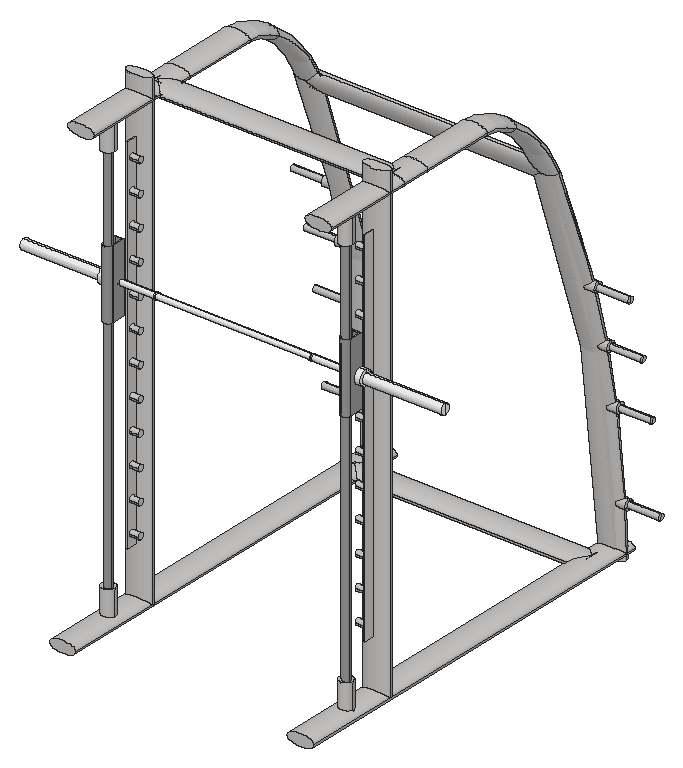
Revit family "Тренажер Машина Смита", category Оборудование, Revit 2017
Family settings
  Размер круглого соединителя = Использовать диаметр
  Тип детали = Нормальный
  На основе рабочей плоскости = Нет
  Всегда вертикально = Да
  При загрузке вырезать с полостями = Нет
  Общий = Нет
  Точка расчета площади = Нет
Parameters (values of type "1381х2094х2498")
  Ширина = 1381.0 mm
  Примечание = ""
  Позиция = ""
  Обозначение = "M953"
  Наименование = "Тренажер Машина Смита"
  Масса = "240"
  Код оборудования = ""
  Keynote = ""
  Изготовитель = "Severin"
  Завод = "Technogym"
  Единицы = "шт."
  Группа модели = "ТХ"
  Глубина = 2098.0 mm
  Высота = 2498.0 mm
Reference planes
  plane 1 "По центру (Вперед/Назад)": y = 0
  plane 2: z = 0
  plane 3 "По центру (Влево/Вправо)": x = 0
  plane 4: x = -690.5
  plane 5: x = 690.5
  plane 6: y = 1049
  plane 7: y = -1049
  plane 8: z = 2498
  plane 9: z = 1249
Forms (mm)
  Extrusion 1, solid, material "GKS_чернмет"
    sketch origin (0, 0, 0) x (1, 0, 0) y (0, 0, 1)
      loop
        spline (-690.5, 30) -> (-688.115, 22.235) -> (-681.122, 15) -> (-669.997, 8.787) -> (-655.5, 4.019) -> (-638.617, 1.022) -> (-620.5, 0) -> (-602.383, 1.022) -> (-585.5, 4.019) -> (-571.003, 8.787) -> (-559.878, 15) -> (-552.885, 22.235) -> (-550.5, 30)
        spline (-550.5, 30) -> (-552.885, 37.765) -> (-559.878, 45) -> (-571.003, 51.213) -> (-585.5, 55.981) -> (-602.383, 58.978) -> (-620.5, 60) -> (-638.617, 58.978) -> (-655.5, 55.981) -> (-669.997, 51.213) -> (-681.122, 45) -> (-688.115, 37.765) -> (-690.5, 30)
      loop
        spline (690.5, 30) -> (688.115, 37.765) -> (681.122, 45) -> (669.997, 51.213) -> (655.5, 55.981) -> (638.617, 58.978) -> (620.5, 60) -> (602.383, 58.978) -> (585.5, 55.981) -> (571.003, 51.213) -> (559.878, 45) -> (552.885, 37.765) -> (550.5, 30)
        spline (550.5, 30) -> (552.885, 22.235) -> (559.878, 15) -> (571.003, 8.787) -> (585.5, 4.019) -> (602.383, 1.022) -> (620.5, 0) -> (638.617, 1.022) -> (655.5, 4.019) -> (669.997, 8.787) -> (681.122, 15) -> (688.115, 22.235) -> (690.5, 30)
    from -1044.106 to 1049
  Extrusion 2, solid, material "GKS_чернмет", detail levels medium+fine
    sketch origin (0, 210, 0) x (1, 0, 0) y (0, 1, 0)
      loop
        spline (-690.5, -758.288) -> (-688.115, -766.052) -> (-681.122, -773.288) -> (-669.997, -779.501) -> (-655.5, -784.268) -> (-638.617, -787.265) -> (-620.5, -788.288) -> (-602.383, -787.265) -> (-585.5, -784.268) -> (-571.003, -779.501) -> (-559.878, -773.288) -> (-552.885, -766.052) -> (-550.5, -758.288)
        spline (-550.5, -758.288) -> (-552.885, -750.523) -> (-559.878, -743.288) -> (-571.003, -737.074) -> (-585.5, -732.307) -> (-602.383, -729.31) -> (-620.5, -728.288) -> (-638.617, -729.31) -> (-655.5, -732.307) -> (-669.997, -737.074) -> (-681.122, -743.288) -> (-688.115, -750.523) -> (-690.5, -758.288)
      loop
        spline (690.5, -758.288) -> (688.115, -750.523) -> (681.122, -743.288) -> (669.997, -737.074) -> (655.5, -732.307) -> (638.617, -729.31) -> (620.5, -728.288) -> (602.383, -729.31) -> (585.5, -732.307) -> (571.003, -737.074) -> (559.878, -743.288) -> (552.885, -750.523) -> (550.5, -758.288)
        spline (550.5, -758.288) -> (552.885, -766.052) -> (559.878, -773.288) -> (571.003, -779.501) -> (585.5, -784.268) -> (602.383, -787.265) -> (620.5, -788.288) -> (638.617, -787.265) -> (655.5, -784.268) -> (669.997, -779.501) -> (681.122, -773.288) -> (688.115, -766.052) -> (690.5, -758.288)
    from 30 to 2498
  Extrusion 3, solid, material "GKS_чернмет"
    sketch origin (0, 0, 2420) x (1, 0, 0) y (0, 0, 1)
      loop
        spline (689.5, -27) -> (687.115, -19.235) -> (680.122, -12) -> (668.997, -5.787) -> (654.5, -1.019) -> (637.617, 1.978) -> (619.5, 3) -> (601.383, 1.978) -> (584.5, -1.019) -> (570.003, -5.787) -> (558.878, -12) -> (551.885, -19.235) -> (549.5, -27)
        spline (549.5, -27) -> (551.885, -34.765) -> (558.878, -42) -> (570.003, -48.213) -> (584.5, -52.981) -> (601.383, -55.978) -> (619.5, -57) -> (637.617, -55.978) -> (654.5, -52.981) -> (668.997, -48.213) -> (680.122, -42) -> (687.115, -34.765) -> (689.5, -27)
      loop
        spline (-549.5, -27) -> (-551.885, -19.235) -> (-558.878, -12) -> (-570.003, -5.787) -> (-584.5, -1.019) -> (-601.383, 1.978) -> (-619.5, 3) -> (-637.617, 1.978) -> (-654.5, -1.019) -> (-668.997, -5.787) -> (-680.122, -12) -> (-687.115, -19.235) -> (-689.5, -27)
        spline (-689.5, -27) -> (-687.115, -34.765) -> (-680.122, -42) -> (-668.997, -48.213) -> (-654.5, -52.981) -> (-637.617, -55.978) -> (-619.5, -57) -> (-601.383, -55.978) -> (-584.5, -52.981) -> (-570.003, -48.213) -> (-558.878, -42) -> (-551.885, -34.765) -> (-549.5, -27)
    from 456.992 to 930.732
  Extrusion 4, solid, material "GKS_чернмет"
    sketch origin (0, 210, 0) x (0, 1, 0) y (0, 0, 1)
      loop
        spline (-576.992, 2393) -> (-579.377, 2400.765) -> (-586.37, 2408) -> (-597.495, 2414.213) -> (-611.992, 2418.981) -> (-628.875, 2421.978) -> (-646.992, 2423) -> (-665.109, 2421.978) -> (-681.992, 2418.981) -> (-696.489, 2414.213) -> (-707.614, 2408) -> (-714.607, 2400.765) -> (-716.992, 2393)
        spline (-716.992, 2393) -> (-714.607, 2385.235) -> (-707.614, 2378) -> (-696.489, 2371.787) -> (-681.992, 2367.019) -> (-665.109, 2364.022) -> (-646.992, 2363) -> (-628.875, 2364.022) -> (-611.992, 2367.019) -> (-597.495, 2371.787) -> (-586.37, 2378) -> (-579.377, 2385.235) -> (-576.992, 2393)
    from -620.5 to 620
  Sweep 5, solid, material "GKS_чернмет"
    path origin (0, 0, 0) x (0, 1, 0) y (0, 0, 1)
      loop
        line (-456.992, 2435) -> (-306.992, 2435) -> (82.561, 2435)
        arc (82.561, 2435) -> (192.502, 2416.871) -> (293.217, 2369.204) r 401.202
        arc (293.217, 2369.204) -> (465.495, 2215.816) -> (587.79, 2020.235) r 813.434
        arc (587.79, 2020.235) -> (911.817, 1032.408) -> (1034, 0) r 5228.593
    profile origin (0, -381.992, 2435) x (0, 0, 1) y (1, 0, 0)
      loop
        spline (-42, -689.5) -> (-34.235, -687.115) -> (-27, -680.122) -> (-20.787, -668.997) -> (-16.019, -654.5) -> (-13.022, -637.617) -> (-12, -619.5) -> (-13.022, -601.383) -> (-16.019, -584.5) -> (-20.787, -570.003) -> (-27, -558.878) -> (-34.235, -551.885) -> (-42, -549.5)
        spline (-42, -549.5) -> (-49.765, -551.885) -> (-57, -558.878) -> (-63.213, -570.003) -> (-67.981, -584.5) -> (-70.978, -601.383) -> (-72, -619.5) -> (-70.978, -637.617) -> (-67.981, -654.5) -> (-63.213, -668.997) -> (-57, -680.122) -> (-49.765, -687.115) -> (-42, -689.5)
      loop
        spline (-42, 689.5) -> (-49.765, 687.115) -> (-57, 680.122) -> (-63.213, 668.997) -> (-67.981, 654.5) -> (-70.978, 637.617) -> (-72, 619.5) -> (-70.978, 601.383) -> (-67.981, 584.5) -> (-63.213, 570.003) -> (-57, 558.878) -> (-49.765, 551.885) -> (-42, 549.5)
        spline (-42, 549.5) -> (-34.235, 551.885) -> (-27, 558.878) -> (-20.787, 570.003) -> (-16.019, 584.5) -> (-13.022, 601.383) -> (-12, 619.5) -> (-13.022, 637.617) -> (-16.019, 654.5) -> (-20.787, 668.997) -> (-27, 680.122) -> (-34.235, 687.115) -> (-42, 689.5)
  Extrusion 6, solid, material "GKS_чернмет"
    sketch origin (0, 0, 0) x (0, 1, 0) y (0, 0, 1)
      loop
        spline (589.494, 1932.399) -> (595.026, 1938.346) -> (597.795, 1948.02) -> (597.614, 1960.761) -> (594.494, 1975.7) -> (588.648, 1991.819) -> (580.475, 2008.02) -> (570.531, 2023.199) -> (559.494, 2036.322) -> (548.116, 2046.493) -> (537.173, 2053.02) -> (527.411, 2055.459) -> (519.494, 2053.642)
        spline (519.494, 2053.642) -> (513.962, 2047.694) -> (511.193, 2038.02) -> (511.374, 2025.28) -> (514.494, 2010.341) -> (520.34, 1994.222) -> (528.513, 1978.02) -> (538.457, 1962.841) -> (549.494, 1949.719) -> (560.871, 1939.548) -> (571.814, 1933.02) -> (581.577, 1930.582) -> (589.494, 1932.399)
    from -620 to 620
  Extrusion 7, solid, material "GKS_чернмет"
    sketch origin (0, 0, 0) x (0, 1, 0) y (0, 0, 1)
      loop
        spline (919.427, 30) -> (917.042, 37.765) -> (910.049, 45) -> (898.925, 51.213) -> (884.427, 55.981) -> (867.545, 58.978) -> (849.427, 60) -> (831.31, 58.978) -> (814.427, 55.981) -> (799.93, 51.213) -> (788.806, 45) -> (781.813, 37.765) -> (779.427, 30)
        spline (779.427, 30) -> (781.813, 22.235) -> (788.806, 15) -> (799.93, 8.787) -> (814.427, 4.019) -> (831.31, 1.022) -> (849.427, 0) -> (867.545, 1.022) -> (884.427, 4.019) -> (898.925, 8.787) -> (910.049, 15) -> (917.042, 22.235) -> (919.427, 30)
    from -620 to 620
  Extrusion 8, solid, material "Сталь, хромированная", detail levels medium+fine
    sketch origin (0, -35, 0) x (1, 0, 0) y (0, 1, 0)
      loop
        circle (-620.5, -716.992) r 20
      loop
        circle (620.5, -716.992) r 20
    from 30 to 2393
  Extrusion 9, solid, material "GKS_чернмет", detail levels medium+fine
    sketch origin (0, 110, 0) x (1, 0, 0) y (0, 1, 0)
      loop
        circle (-620.5, -861.992) r 35
      loop
        circle (620.5, -861.992) r 35
    from 30 to 184.487
  Extrusion 10, solid, material "GKS_чернмет", detail levels medium+fine
    sketch origin (0, 110, 2200) x (1, 0, 0) y (0, 1, 0)
      loop
        circle (-620.5, -861.992) r 35
      loop
        circle (620.5, -861.992) r 35
    from 30 to 184.487
  Revolve 11, solid, material "GKS_чернмет"
    sketch origin (0, 979.403, 87.531) x (1, 0, 0) y (0, 0, 1)
      loop
        line (-880.44, 184.487) -> (-620.5, 184.487) -> (-620.5, 209.487) -> (-711.602, 209.487) -> (-711.602, 199.487) -> (-880.44, 199.487) -> (-880.44, 184.487)
      axis (-620.5, 184.487) -> (-880.44, 184.487)
    angle from 0 to 360
  Revolve 12, solid, material "GKS_чернмет"
    sketch origin (0, 923.406, 563.953) x (1, 0, 0) y (0, 0, 1)
      loop
        line (-880.44, 184.487) -> (-620.5, 184.487) -> (-620.5, 209.487) -> (-711.602, 209.487) -> (-711.602, 199.487) -> (-880.44, 199.487) -> (-880.44, 184.487)
      axis (-620.5, 184.487) -> (-880.44, 184.487)
    angle from 0 to 360
  Revolve 13, solid, material "GKS_чернмет"
    sketch origin (0, 862.347, 878.074) x (1, 0, 0) y (0, 0, 1)
      loop
        line (-880.44, 184.487) -> (-620.5, 184.487) -> (-620.5, 209.487) -> (-711.602, 209.487) -> (-711.602, 199.487) -> (-880.44, 199.487) -> (-880.44, 184.487)
      axis (-620.5, 184.487) -> (-880.44, 184.487)
    angle from 0 to 360
  Revolve 14, solid, material "GKS_чернмет"
    sketch origin (0, 778.622, 1191.655) x (1, 0, 0) y (0, 0, 1)
      loop
        line (-880.44, 184.487) -> (-620.5, 184.487) -> (-620.5, 209.487) -> (-711.602, 209.487) -> (-711.602, 199.487) -> (-880.44, 199.487) -> (-880.44, 184.487)
      axis (-620.5, 184.487) -> (-880.44, 184.487)
    angle from 0 to 360
  Revolve 15, solid, material "GKS_чернмет"
    sketch origin (0, 979.403, 87.531) x (-1, 0, 0) y (0, 0, -1)
      loop
        line (-880.44, -184.487) -> (-880.44, -199.487) -> (-711.602, -199.487) -> (-711.602, -209.487) -> (-620.5, -209.487) -> (-620.5, -184.487) -> (-880.44, -184.487)
      axis (-620.5, -184.487) -> (-880.44, -184.487)
    angle from 0 to 360
  Revolve 16, solid, material "GKS_чернмет"
    sketch origin (0, 923.406, 563.953) x (-1, 0, 0) y (0, 0, -1)
      loop
        line (-880.44, -184.487) -> (-880.44, -199.487) -> (-711.602, -199.487) -> (-711.602, -209.487) -> (-620.5, -209.487) -> (-620.5, -184.487) -> (-880.44, -184.487)
      axis (-620.5, -184.487) -> (-880.44, -184.487)
    angle from 0 to 360
  Revolve 17, solid, material "GKS_чернмет"
    sketch origin (0, 862.347, 878.074) x (-1, 0, 0) y (0, 0, -1)
      loop
        line (-880.44, -184.487) -> (-880.44, -199.487) -> (-711.602, -199.487) -> (-711.602, -209.487) -> (-620.5, -209.487) -> (-620.5, -184.487) -> (-880.44, -184.487)
      axis (-620.5, -184.487) -> (-880.44, -184.487)
    angle from 0 to 360
  Revolve 18, solid, material "GKS_чернмет"
    sketch origin (0, 778.622, 1191.655) x (-1, 0, 0) y (0, 0, -1)
      loop
        line (-880.44, -184.487) -> (-880.44, -199.487) -> (-711.602, -199.487) -> (-711.602, -209.487) -> (-620.5, -209.487) -> (-620.5, -184.487) -> (-880.44, -184.487)
      axis (-620.5, -184.487) -> (-880.44, -184.487)
    angle from 0 to 360
  Revolve 19, solid, material "метхром"
    sketch origin (0, -702.909, 1556.311) x (1, 0, 0) y (0, 0, 1)
      loop
        line (-1100, 37.5) -> (1100, 37.5) -> (1100, 62.5) -> (685, 62.5) -> (685, 75) -> (655, 75) -> (655, 51.5) -> (410, 51.5) -> (410, 52.5) -> (405, 52.5) -> (405, 51.5) -> (-405, 51.5) -> (-405, 52.5) -> (-410, 52.5) -> (-410, 51.5) -> (-655, 51.5) -> (-655, 75) -> (-685, 75) -> (-685, 62.5) -> (-1100, 62.5) -> (-1100, 37.5)
      axis (-1100, 37.5) -> (1100, 37.5)
    angle from 0 to 360
  Revolve 20, solid, material "метхром", not visible
    sketch origin (0, -789.159, 1556.311) x (1, 0, 0) y (0, 0, 1)
      loop
        line (-1100, 37.5) -> (1100, 37.5) -> (1100, 62.5) -> (685, 62.5) -> (685, 75) -> (655, 75) -> (655, 51.5) -> (410, 51.5) -> (410, 52.5) -> (405, 52.5) -> (405, 51.5) -> (-405, 51.5) -> (-405, 52.5) -> (-410, 52.5) -> (-410, 51.5) -> (-655, 51.5) -> (-655, 75) -> (-685, 75) -> (-685, 62.5) -> (-1100, 62.5) -> (-1100, 37.5)
      axis (-1100, 37.5) -> (1100, 37.5)
    angle from 0 to 360
  Extrusion 21, solid, material "Пластмасса, непрозрачная, черная", detail levels medium+fine
    sketch origin (0, 0, 0) x (1, 0, 0) y (0, 1, 0)
      loop
        arc (-640.5, -751.992) -> (-620.5, -771.992) -> (-600.5, -751.992) r 20
        line (-600.5, -751.992) -> (-600.5, -686.992) -> (-640.5, -686.992) -> (-640.5, -751.992)
      loop
        arc (-645.5, -751.992) -> (-620.5, -776.992) -> (-595.5, -751.992) r 25
        line (-595.5, -751.992) -> (-595.5, -681.992) -> (-645.5, -681.992) -> (-645.5, -751.992)
    from 1425.019 to 1783.739
  Extrusion 22, solid, material "Пластмасса, непрозрачная, черная", detail levels medium+fine
    sketch origin (0, 0, 0) x (-1, 0, 0) y (0, -1, 0)
      loop
        line (-640.5, 751.992) -> (-640.5, 686.992) -> (-600.5, 686.992) -> (-600.5, 751.992)
        arc (-600.5, 751.992) -> (-620.5, 771.992) -> (-640.5, 751.992) r 20
      loop
        line (-645.5, 751.992) -> (-645.5, 681.992) -> (-595.5, 681.992) -> (-595.5, 751.992)
        arc (-595.5, 751.992) -> (-620.5, 776.992) -> (-645.5, 751.992) r 25
    from 1425.019 to 1783.739
  Extrusion 23, solid, material "GKS_чернмет", detail levels medium+fine
    sketch origin (0, 0, 0) x (0, 1, 0) y (0, 0, 1)
      loop
        line (-548.288, 2208.804) -> (-633.288, 2208.804) -> (-633.288, 309) -> (-548.288, 309) -> (-548.288, 2208.804)
    from -623.346 to -615.707
  Extrusion 24, solid, material "GKS_чернмет", detail levels medium+fine
    sketch origin (0, 0, -60) x (0, 1, 0) y (0, 0, 1)
      loop
        circle (-608.662, 432.453) r 15
      loop
        circle (-608.662, 592.453) r 15
      loop
        circle (-608.662, 752.453) r 15
      loop
        circle (-608.662, 912.453) r 15
      loop
        circle (-608.662, 1072.453) r 15
      loop
        circle (-608.662, 1232.453) r 15
      loop
        circle (-608.662, 1392.453) r 15
      loop
        circle (-608.662, 1552.453) r 15
      loop
        circle (-608.662, 1712.453) r 15
      loop
        circle (-608.662, 1872.453) r 15
      loop
        circle (-608.662, 2032.453) r 15
      loop
        circle (-608.662, 2192.453) r 15
    from -620 to -566.372
  Extrusion 25, solid, material "GKS_чернмет", detail levels medium+fine
    sketch origin (0, 0, -60) x (0, 1, 0) y (0, 0, -1)
      loop
        circle (-608.662, -432.453) r 15
      loop
        circle (-608.662, -592.453) r 15
      loop
        circle (-608.662, -752.453) r 15
      loop
        circle (-608.662, -912.453) r 15
      loop
        circle (-608.662, -1072.453) r 15
      loop
        circle (-608.662, -1232.453) r 15
      loop
        circle (-608.662, -1392.453) r 15
      loop
        circle (-608.662, -1552.453) r 15
      loop
        circle (-608.662, -1712.453) r 15
      loop
        circle (-608.662, -1872.453) r 15
      loop
        circle (-608.662, -2032.453) r 15
      loop
        circle (-608.662, -2192.453) r 15
    from -620 to -566.372
  Extrusion 26, solid, material "GKS_чернмет", detail levels medium+fine
    sketch origin (0, 0, 0) x (0, 1, 0) y (0, 0, -1)
      loop
        line (-548.288, -2208.804) -> (-548.288, -309) -> (-633.288, -309) -> (-633.288, -2208.804) -> (-548.288, -2208.804)
    from -623.346 to -615.707
Cuts and joins
  joined: Extrusion 23, Extrusion 24
  joined: Extrusion 25, Extrusion 26
  joined: Sweep 5, Revolve 11, Revolve 13, Revolve 14, Revolve 15, Revolve 16, Revolve 17, Revolve 18
Lines and regions (mm)
  symbolic lines, detail levels medium
    curve 1: line (690.5, -1049, 0) -> (-690.5, -1049, 0)
    curve 3: line (-690.5, 1049, 0) -> (690.5, 1049, 0)
    curve 5: line (-13.163, -1049, 0) -> (0, 18.799, 0)
    curve 6: line (13.163, -1049, 0) -> (0, 18.799, 0)
  symbolic lines, detail levels coarse+medium
    curve 2: line (690.5, 1049, 0) -> (690.5, -1049, 0)
    curve 4: line (-690.5, -1049, 0) -> (-690.5, 1049, 0)
Dimensions and locks
  equal spacing: plane 4, plane 3 "По центру (Влево/Вправо)", plane 5
  "Ширина": plane 4 to plane 5
  equal spacing: plane 6, plane 1 "По центру (Вперед/Назад)", plane 7
  "Глубина": plane 6 to plane 7
  equal spacing: plane 8, plane 9, level
  "Высота": plane 8 to level
  aligned and locked: level to plane 2
  aligned and locked: Extrusion 2 to Extrusion 1
Automatic sketch dimensions
  Revolve 19 sketch curve to Revolve 19 sketch curve = 30.0 mm  (x2)
  Revolve 19 sketch curve to Revolve 19 sketch curve = 245.0 mm  (x2)
  Revolve 19 sketch curve to Revolve 19 sketch curve = 5.0 mm  (x2)
  Revolve 19 sketch curve to Revolve 19 sketch curve = 0.0 mm  (x3)
  Revolve 19 sketch curve to Revolve 19 sketch curve = 1.0 mm  (x2)
  Revolve 19 sketch curve to Revolve 19 sketch curve = 11.0 mm
  Revolve 19 sketch curve to Revolve 19 sketch curve = 25.0 mm
  Revolve 19 sketch curve to Revolve 19 sketch curve = 23.5 mm  (x2)
  Revolve 19 sketch curve to Revolve 19 sketch curve = 30.791 mm
  Revolve 19 sketch curve to Revolve 19 sketch curve = 213.64 mm
  Revolve 19 sketch curve to Revolve 19 sketch curve = 415.0 mm  (x2)
  Revolve 19 sketch curve to Revolve 19 sketch curve = 810.0 mm
  Revolve 19 sketch curve to Revolve 19 sketch curve = 14.0 mm
  Revolve 20 sketch curve to Revolve 20 sketch curve = 30.0 mm  (x2)
  Revolve 20 sketch curve to Revolve 20 sketch curve = 245.0 mm  (x2)
  Revolve 20 sketch curve to Revolve 20 sketch curve = 5.0 mm  (x2)
  Revolve 20 sketch curve to Revolve 20 sketch curve = 0.0 mm  (x3)
  Revolve 20 sketch curve to Revolve 20 sketch curve = 1.0 mm  (x2)
  Revolve 20 sketch curve to Revolve 20 sketch curve = 11.0 mm
  Revolve 20 sketch curve to Revolve 20 sketch curve = 25.0 mm
  Revolve 20 sketch curve to Revolve 20 sketch curve = 23.5 mm  (x2)
  Revolve 20 sketch curve to Revolve 20 sketch curve = 30.791 mm
  Revolve 20 sketch curve to Revolve 20 sketch curve = 213.64 mm
  Revolve 20 sketch curve to Revolve 20 sketch curve = 415.0 mm  (x2)
  Revolve 20 sketch curve to Revolve 20 sketch curve = 810.0 mm
  Revolve 20 sketch curve to Revolve 20 sketch curve = 14.0 mm
  curve 1 to plane 4 = 0.0 mm
  curve 5 to plane 7 = 0.0 mm
  curve 5 to plane 3 "По центру (Влево/Вправо)" = 0.0 mm
  curve 2 to plane 5 = 0.0 mm
  curve 3 to plane 6 = 0.0 mm
  curve 5 to plane 1 "По центру (Вперед/Назад)" = 18.799 mm
  curve 5 to plane 3 "По центру (Влево/Вправо)" = 13.163 mm
  plane 3 "По центру (Влево/Вправо)" to curve 6 = 13.163 mm
  Extrusion 1 sketch curve to plane 4 = 0.0 mm
  Extrusion 1 sketch curve to plane 5 = 0.0 mm
  level to Extrusion 1 sketch curve = 30.0 mm  (x2)
  plane 4 to Extrusion 1 sketch curve = 70.0 mm
  Extrusion 1 sketch curve to plane 5 = 70.0 mm
  Extrusion 2 sketch curve to plane 4 = 0.0 mm
  Extrusion 2 sketch curve to plane 5 = 0.0 mm
  plane 7 to Extrusion 2 sketch curve = 500.712 mm  (x2)
  Extrusion 2 sketch curve to Extrusion 2 sketch curve = 70.0 mm
  Extrusion 2 sketch curve to plane 5 = 70.0 mm
  plane 4 to Extrusion 3 sketch curve = 1.0 mm
  Extrusion 3 sketch curve to plane 8 = 105.0 mm  (x2)
  Extrusion 3 sketch curve to Extrusion 3 sketch curve = 70.0 mm  (x2)
  Extrusion 3 sketch curve to plane 5 = 141.0 mm
  Extrusion 4 sketch curve to plane 8 = 105.0 mm
  plane 1 "По центру (Вперед/Назад)" to Extrusion 4 sketch curve = 436.992 mm
  Extrusion 4 sketch curve to Extrusion 4 sketch curve = 70.0 mm
  Sweep 5 sketch curve to level = 0.0 mm
  Sweep 5 sketch curve to level = 95.254 mm
  Sweep 5 sketch curve to plane 7 = 3144.725 mm
  Sweep 5 sketch curve to plane 8 = 63.0 mm
  plane 1 "По центру (Вперед/Назад)" to Sweep 5 sketch curve = 306.992 mm
  plane 1 "По центру (Вперед/Назад)" to Sweep 5 sketch curve = 156.09 mm
  Sweep 5 sketch curve to plane 1 "По центру (Вперед/Назад)" = 72.89 mm
  Sweep 5 sketch curve to plane 1 "По центру (Вперед/Назад)" = 82.561 mm
  plane 9 to Sweep 5 sketch curve = 442.12 mm
  Sweep 5 sketch curve to Sweep 5 sketch curve = 401.085 mm
  Sweep 5 sketch curve to Sweep 5 sketch curve = 150.0 mm
  Sweep 5 sketch curve to plane 8 = 128.796 mm
  Sweep 5 sketch curve to Sweep 5 sketch curve = 0.0 mm
  profile plane to Sweep 5 sketch curve = 42.0 mm  (x2)
  Sweep 5 sketch curve to plane 3 "По центру (Влево/Вправо)" = 689.5 mm
  Sweep 5 sketch curve to Sweep 5 sketch curve = 70.0 mm  (x2)
  plane 3 "По центру (Влево/Вправо)" to Sweep 5 sketch curve = 619.5 mm
  Extrusion 6 sketch curve to plane 6 = 494.506 mm
  Extrusion 6 sketch curve to plane 8 = 565.601 mm
  Extrusion 6 sketch curve to Extrusion 6 sketch curve = 35.0 mm
  level to Extrusion 7 sketch curve = 30.0 mm
  Extrusion 7 sketch curve to plane 6 = 199.573 mm
  Extrusion 7 sketch curve to Extrusion 7 sketch curve = 70.0 mm
  plane 4 to Extrusion 8 sketch curve = 70.0 mm
  Extrusion 8 sketch curve to plane 5 = 70.0 mm
  plane 7 to Extrusion 8 sketch curve = 297.008 mm  (x2)
  Extrusion 9 sketch curve to Extrusion 9 sketch curve = 0.0 mm  (x4)
  plane 4 to Extrusion 9 sketch curve = 70.0 mm
  Extrusion 9 sketch curve to plane 5 = 70.0 mm
  plane 7 to Extrusion 9 sketch curve = 297.008 mm  (x2)
  Extrusion 9 sketch curve to Extrusion 9 sketch curve = 35.0 mm  (x2)
  Extrusion 10 sketch curve to Extrusion 10 sketch curve = 0.0 mm  (x4)
  plane 4 to Extrusion 10 sketch curve = 70.0 mm
  Extrusion 10 sketch curve to plane 5 = 70.0 mm
  plane 7 to Extrusion 10 sketch curve = 297.008 mm  (x2)
  Extrusion 10 sketch curve to Extrusion 10 sketch curve = 35.0 mm  (x2)
  Revolve 11 sketch curve to plane 4 = 189.94 mm
  Revolve 11 sketch curve to plane 4 = 21.102 mm
  plane 4 to Revolve 11 sketch curve = 70.0 mm
  level to Revolve 11 sketch curve = 272.018 mm
  Revolve 11 sketch curve to Revolve 11 sketch curve = 15.0 mm
  Revolve 11 sketch curve to Revolve 11 sketch curve = 10.0 mm
  Revolve 11 sketch curve to Revolve 11 sketch curve = 70.06 mm
  Revolve 11 sketch curve to Revolve 11 sketch curve = 0.0 mm  (x2)
  Revolve 12 sketch curve to plane 4 = 189.94 mm
  Revolve 12 sketch curve to plane 4 = 21.102 mm
  plane 4 to Revolve 12 sketch curve = 70.0 mm
  Revolve 12 sketch curve to plane 9 = 500.56 mm
  Revolve 12 sketch curve to Revolve 12 sketch curve = 15.0 mm
  Revolve 12 sketch curve to Revolve 12 sketch curve = 10.0 mm
  Revolve 12 sketch curve to Revolve 12 sketch curve = 70.06 mm
  Revolve 12 sketch curve to Revolve 12 sketch curve = 0.0 mm  (x2)
  Revolve 13 sketch curve to plane 4 = 189.94 mm
  Revolve 13 sketch curve to plane 4 = 21.102 mm
  plane 4 to Revolve 13 sketch curve = 70.0 mm
  Revolve 13 sketch curve to plane 9 = 186.439 mm
  Revolve 13 sketch curve to Revolve 13 sketch curve = 15.0 mm
  Revolve 13 sketch curve to Revolve 13 sketch curve = 10.0 mm
  Revolve 13 sketch curve to Revolve 13 sketch curve = 70.06 mm
  Revolve 13 sketch curve to Revolve 13 sketch curve = 0.0 mm  (x2)
  Revolve 14 sketch curve to plane 4 = 189.94 mm
  Revolve 14 sketch curve to plane 4 = 21.102 mm
  plane 4 to Revolve 14 sketch curve = 70.0 mm
  plane 9 to Revolve 14 sketch curve = 127.142 mm
  Revolve 14 sketch curve to Revolve 14 sketch curve = 15.0 mm
  Revolve 14 sketch curve to Revolve 14 sketch curve = 10.0 mm
  Revolve 14 sketch curve to Revolve 14 sketch curve = 70.06 mm
  Revolve 14 sketch curve to Revolve 14 sketch curve = 0.0 mm  (x2)
  plane 5 to Revolve 15 sketch curve = 189.94 mm
  plane 5 to Revolve 15 sketch curve = 21.102 mm
  Revolve 15 sketch curve to plane 5 = 70.0 mm
  level to Revolve 15 sketch curve = 297.018 mm
  Revolve 15 sketch curve to Revolve 15 sketch curve = 10.0 mm
  Revolve 15 sketch curve to Revolve 15 sketch curve = 25.0 mm
  Revolve 15 sketch curve to Revolve 15 sketch curve = 70.06 mm
  Revolve 15 sketch curve to Revolve 15 sketch curve = 0.0 mm  (x2)
  plane 5 to Revolve 16 sketch curve = 189.94 mm
  plane 5 to Revolve 16 sketch curve = 21.102 mm
  Revolve 16 sketch curve to plane 5 = 70.0 mm
  Revolve 16 sketch curve to plane 9 = 475.56 mm
  Revolve 16 sketch curve to Revolve 16 sketch curve = 10.0 mm
  Revolve 16 sketch curve to Revolve 16 sketch curve = 25.0 mm
  Revolve 16 sketch curve to Revolve 16 sketch curve = 70.06 mm
  Revolve 16 sketch curve to Revolve 16 sketch curve = 0.0 mm  (x2)
  plane 5 to Revolve 17 sketch curve = 189.94 mm
  plane 5 to Revolve 17 sketch curve = 21.102 mm
  Revolve 17 sketch curve to plane 5 = 70.0 mm
  Revolve 17 sketch curve to plane 9 = 161.439 mm
  Revolve 17 sketch curve to Revolve 17 sketch curve = 10.0 mm
  Revolve 17 sketch curve to Revolve 17 sketch curve = 25.0 mm
  Revolve 17 sketch curve to Revolve 17 sketch curve = 70.06 mm
  Revolve 17 sketch curve to Revolve 17 sketch curve = 0.0 mm  (x2)
  plane 5 to Revolve 18 sketch curve = 189.94 mm
  plane 5 to Revolve 18 sketch curve = 21.102 mm
  Revolve 18 sketch curve to plane 5 = 70.0 mm
  plane 9 to Revolve 18 sketch curve = 152.142 mm
  plane 9 to Revolve 18 sketch curve = 142.142 mm
  Revolve 18 sketch curve to Revolve 18 sketch curve = 25.0 mm
  Revolve 18 sketch curve to Revolve 18 sketch curve = 70.06 mm
  Revolve 18 sketch curve to Revolve 18 sketch curve = 0.0 mm  (x2)
  Extrusion 21 sketch curve to Extrusion 21 sketch curve = 0.0 mm  (x2)
  plane 4 to Extrusion 21 sketch curve = 45.0 mm
  Extrusion 21 sketch curve to Extrusion 21 sketch curve = 5.0 mm  (x2)
  Extrusion 21 sketch curve to Extrusion 21 sketch curve = 20.0 mm
  plane 7 to Extrusion 21 sketch curve = 297.008 mm
  Extrusion 21 sketch curve to Extrusion 21 sketch curve = 65.0 mm
  Extrusion 22 sketch curve to Extrusion 22 sketch curve = 0.0 mm  (x2)
  plane 5 to Extrusion 22 sketch curve = 45.0 mm
  Extrusion 22 sketch curve to Extrusion 22 sketch curve = 5.0 mm  (x2)
  Extrusion 22 sketch curve to Extrusion 22 sketch curve = 20.0 mm
  Extrusion 22 sketch curve to plane 7 = 297.008 mm
  Extrusion 22 sketch curve to Extrusion 22 sketch curve = 65.0 mm
  plane 7 to Extrusion 23 sketch curve = 415.712 mm
  Extrusion 23 sketch curve to Extrusion 23 sketch curve = 85.0 mm
  level to Extrusion 23 sketch curve = 309.0 mm
  Extrusion 23 sketch curve to plane 8 = 289.196 mm
  plane 7 to Extrusion 24 sketch curve = 440.338 mm
  Extrusion 24 sketch curve to Extrusion 24 sketch curve = 0.0 mm  (x11)
  Extrusion 24 sketch curve to plane 9 = 76.547 mm
  Extrusion 24 sketch curve to Extrusion 24 sketch curve = 160.0 mm  (x10)
  plane 9 to Extrusion 24 sketch curve = 83.453 mm
  plane 7 to Extrusion 25 sketch curve = 440.338 mm
  Extrusion 25 sketch curve to Extrusion 25 sketch curve = 0.0 mm  (x11)
  Extrusion 25 sketch curve to plane 9 = 76.547 mm
  plane 9 to Extrusion 25 sketch curve = 83.453 mm
  Extrusion 25 sketch curve to Extrusion 25 sketch curve = 160.0 mm  (x10)
  plane 7 to Extrusion 26 sketch curve = 415.712 mm
  Extrusion 26 sketch curve to Extrusion 26 sketch curve = 85.0 mm
  Extrusion 26 sketch curve to plane 8 = 289.196 mm
  level to Extrusion 26 sketch curve = 309.0 mm
  radius of Extrusion 8 sketch curve = 20.0 mm  (x2)
  radius of Extrusion 24 sketch curve = 15.0 mm  (x12)
  radius of Extrusion 25 sketch curve = 15.0 mm  (x12)
